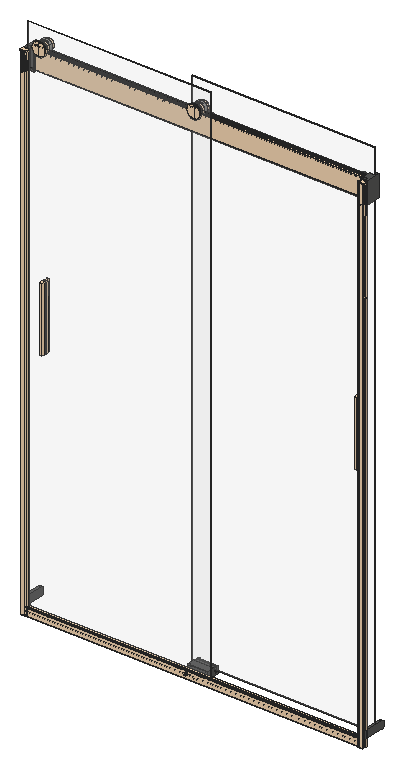
Revit family "Shower-Shower_Door-KOHLER-Levity-K-706010", category Specialty Equipment, host Face, Revit 2021 (continued)
Definition of nested family "K-706010"
  Lines and regions (in)
    symbolic lines, detail levels medium+fine
      curve 43: line (-24.681, -1.21487, 71.59026) -> (-24.681, -1.21487, 70.30555)
      curve 44: line (-24.681, -1.25512, 71.86766) -> (-24.681, -1.25512, 70.30555)
      curve 45: line (-24.681, -1.38162, 71.86766) -> (-24.681, -1.38162, 70.30555)
      curve 46: line (-24.681, -0.6957, 71.64602) -> (-24.681, -0.6957, 70.32156)
      curve 47: line (-24.681, -0.92187, 71.59026) -> (-24.681, -0.92187, 70.32156)
      curve 48: line (-24.681, -0.37311, 71.47874) -> (-24.681, -0.37311, 70.32156)
      curve 49: line (-24.681, -0.49887, 71.47383) -> (-24.681, -0.49887, 70.32156)
      curve 50: line (-24.681, -0.37311, 70.38418) -> (-24.681, -0.49887, 70.38418)
      curve 51: line (-24.681, 0.0188, 71.00538) -> (-24.681, 0.0188, 70.68545)
      curve 52: line (-24.681, 0.00205, 71.03438) -> (-24.681, 0.00205, 70.65645)
      curve 53: line (-24.681, -1.22506, 66.12155) -> (-24.681, -1.63106, 66.12155)
      curve 54: line (-24.681, -1.22506, 66.12155) -> (-24.681, -1.22506, 67.59555)
      curve 55: line (-24.681, -1.01606, 70.12466) -> (-24.681, -1.01606, 67.59866)
      curve 56: line (-24.681, -0.77919, 67.59866) -> (-24.681, -0.77919, 70.12466)
      curve 57: line (-24.681, -0.71919, 70.12466) -> (-24.681, -0.71919, 67.59866)
      curve 58: line (-24.681, -1.28477, 67.59555) -> (-24.681, -1.22506, 67.59555)
      curve 59: line (-24.681, -1.28477, 66.12155) -> (-24.681, -1.28477, 67.59555)
      curve 60: line (-24.681, -1.68606, 0.07489) -> (-24.681, -1.68606, 1.64969)
      curve 61: line (-24.681, -1.10606, 70.22555) -> (-24.681, -1.74606, 70.22555)
      curve 62: line (-24.681, -1.57013, 70.12466) -> (-24.681, -1.57013, 67.59555)
      curve 63: line (-24.681, -1.56444, 66.12155) -> (-24.681, -1.56444, 67.59555)
      curve 64: line (-24.681, -1.68606, 67.59555) -> (-24.681, -1.56444, 67.59555)
      curve 65: line (-24.681, 0.72998, 67.3237) -> (-24.681, 0.97581, 67.3237)
      curve 66: line (-24.681, -0.69887, 67.3237) -> (-24.681, -0.92187, 67.3237)
      curve 67: line (-24.681, 0.56181, 70.12466) -> (-24.681, 0.56181, 67.59866)
      curve 68: line (-24.681, 0.50181, 67.59866) -> (-24.681, 0.50181, 70.12466)
      curve 69: line (-24.681, 0.88981, 70.12466) -> (-24.681, 0.88981, 67.59866)
      curve 70: line (-24.681, 0.80481, 67.59866) -> (-24.681, 0.80481, 70.12466)
      curve 71: line (-24.681, -0.67887, 42.00787) -> (-24.681, -0.67887, 32.99213)
      curve 72: line (-24.681, -0.94187, 32.99213) -> (-24.681, -0.94187, 42.00787)
      curve 73: line (-24.681, 1.44298, 42.00787) -> (-24.681, 1.44298, 32.99213)
      curve 74: line (-24.681, 0.23646, 42.00787) -> (-24.681, 0.23646, 32.99213)
      curve 75: line (-24.681, -0.20887, 42.00787) -> (-24.681, -0.20887, 32.99213)
      curve 76: line (-24.681, -0.65803, 42.00787) -> (-24.681, -0.65803, 32.99213)
      curve 77: line (-24.681, 0.95298, 42.00787) -> (-24.681, 0.95298, 32.99213)
      curve 78: line (-24.681, 0.72998, 32.99213) -> (-24.681, 0.72998, 42.00787)
      curve 79: line (-24.681, 0.97298, 42.00787) -> (-24.681, 0.97298, 32.99213)
      curve 80: line (-24.681, 0.99382, 42.00787) -> (-24.681, 0.99382, 32.99213)
      curve 81: line (-24.681, 0.70998, 32.99213) -> (-24.681, 0.70998, 42.00787)
      curve 82: line (-24.681, 0.68925, 32.99213) -> (-24.681, 0.68925, 42.00787)
      curve 83: line (-24.681, -0.69887, 42.00787) -> (-24.681, -0.69887, 32.99213)
      curve 84: line (-24.681, -0.92187, 32.99213) -> (-24.681, -0.92187, 42.00787)
      curve 85: line (-24.681, -1.109, 42.00787) -> (-24.681, -1.109, 32.99213)
      curve 86: line (-24.681, -0.96271, 32.99213) -> (-24.681, -0.96271, 42.00933)
      curve 87: line (-24.681, -1.12464, 0.07489) -> (-24.681, -1.12464, 1.05539)
      curve 88: line (-24.681, -1.15537, 0.07489) -> (-24.681, -1.15537, 1.05539)
      curve 89: line (-24.681, -1.16606, 70.12466) -> (-24.681, -1.16606, 2.12913)
      curve 90: line (-24.681, -1.22106, 0.07489) -> (-24.681, -1.22106, 1.05539)
      curve 91: line (-24.681, -1.63106, 70.12466) -> (-24.681, -1.63106, 2.12913)
      curve 92: line (-24.681, -1.66047, 0.07489) -> (-24.681, -1.66047, 1.05539)
      curve 93: line (-24.681, -1.69617, 0.07489) -> (-24.681, -1.69617, 1.64969)
      curve 94: line (-24.681, -1.72712, 0.07489) -> (-24.681, -1.72712, 1.66567)
      curve 95: circle (-24.681, 0.15154, 69.33692) r 0.13065 normal (-1, 0, 0)
      curve 96: circle (-24.681, -0.37604, 69.33692) r 0.13065 normal (-1, 0, 0)
      curve 97: circle (-24.681, 0.15154, 68.38583) r 0.13065 normal (1, 0, 0)
      curve 98: circle (-24.681, -0.37604, 68.38583) r 0.13065 normal (1, 0, 0)
      curve 99: line (-24.681, -1.68606, 70.12466) -> (-24.681, 0.88981, 70.12466)
      curve 100: line (-24.681, -1.68606, 67.59866) -> (-24.681, 0.88981, 67.59866)
      curve 101: line (-24.681, 1.30712, 1.05539) -> (-24.681, 1.13107, 1.05539)
      curve 102: line (-24.681, -0.41582, 0.9429) -> (-24.681, -0.41913, 0.8799)
      curve 103: line (-24.681, -0.69887, 2.12913) -> (-24.681, -0.92187, 2.12913)
      curve 104: line (-24.681, 0.95298, 2.12913) -> (-24.681, 0.72998, 2.12913)
      curve 105: line (-24.681, 0.95298, 1.05539) -> (-24.681, -0.38348, 1.05539)
      curve 106: line (-24.681, -0.69887, 1.05539) -> (-24.681, -0.92187, 1.05539)
      curve 107: line (-24.681, -1.10897, 1.05539) -> (-24.681, -1.68606, 1.05539)
      curve 108: line (-24.681, -1.109, 2.12913) -> (-24.681, -1.68606, 2.12913)
      curve 109: line (-24.681, -1.12464, 2.12913) -> (-24.681, -1.12464, 70.22555)
      curve 110: line (-24.681, -1.16606, 1.05539) -> (-24.681, -1.16606, 0.07489)
      curve 111: line (-24.681, -1.15537, 2.12913) -> (-24.681, -1.15537, 70.22555)
      curve 112: line (-24.681, -1.63106, 1.05539) -> (-24.681, -1.63106, 0.07489)
      curve 113: line (-24.681, -1.66047, 2.12913) -> (-24.681, -1.66047, 70.12466)
      curve 114: line (-24.681, -1.68606, 1.64969) -> (-24.681, -1.68606, 70.12466)
      curve 115: line (-24.681, -1.69617, 1.64969) -> (-24.681, -1.69617, 70.22555)
      curve 116: line (-24.681, -1.72712, 1.66567) -> (-24.681, -1.72712, 70.22555)
      curve 117: line (-24.681, 0.72527, 0.78544) -> (-24.681, 0.72527, 1.05539)
      curve 118: line (-24.681, 0.72527, 0.78544) -> (-24.681, 0.70639, 1.05539)
      curve 119: line (-24.681, -0.92187, 0.96942) -> (-24.681, -0.92187, 0.79167)
      curve 120: arc (-24.681, -0.92187, 0.79167) -> (-24.681, -0.8754, 0.76899) -> (-24.681, -0.8247, 0.7588) r 0.20288
      curve 121: line (-24.681, -0.83177, 0.25019) -> (-24.681, -0.84068, 0.76057)
      curve 122: line (-24.681, -0.69887, 0.13689) -> (-24.681, -0.71646, 0.13689)
      curve 123: arc (-24.681, -0.79766, 0.17032) -> (-24.681, -0.82252, 0.20692) -> (-24.681, -0.83177, 0.25019) r 0.11532
      curve 124: line (-24.681, -0.92187, 0.88055) -> (-24.681, -1.12464, 0.88055)
      curve 125: line (-24.681, -1.63106, 0.07489) -> (-24.681, -1.10889, 0.07489)
      curve 126: line (-24.681, -1.16606, 65.22366) -> (-24.681, -1.68606, 65.22366)
      curve 127: line (-24.681, -1.423, 2.12913) -> (-24.681, -1.423, 65.22366)
      curve 128: line (-24.681, -1.41252, 2.12913) -> (-24.681, -1.41254, 65.22366)
      curve 129: line (-24.681, -1.40945, 2.12913) -> (-24.681, -1.40948, 65.22366)
      curve 130: line (-24.681, -1.44267, 2.12913) -> (-24.681, -1.44265, 65.22366)
      curve 131: line (-24.681, -1.16606, 66.34866) -> (-24.681, -1.22506, 66.34866)
      curve 132: line (-24.681, -1.68606, 66.34866) -> (-24.681, -1.63106, 66.34866)
      curve 133: line (-24.681, -1.05384, 70.19058) -> (-24.681, 0.90321, 70.19058)
      curve 134: line (-24.681, 0.92321, 67.59126) -> (-24.681, 0.92321, 70.17059)
      curve 135: line (-24.681, 0.90321, 67.57127) -> (-24.681, 0.53673, 67.57127)
      curve 136: line (-24.681, 0.49674, 67.52874) -> (-24.681, -0.44511, 67.52874)
      curve 137: line (-24.681, -1.07394, 67.57127) -> (-24.681, -0.4851, 67.57127)
      curve 138: arc (-24.681, -0.4851, 67.57127) -> (-24.681, -0.47051, 67.56496) -> (-24.681, -0.46511, 67.55) r 0.02003
      curve 139: arc (-24.681, -0.46511, 67.55) -> (-24.681, -0.4597, 67.53505) -> (-24.681, -0.44511, 67.52874) r 0.02003
      curve 140: arc (-24.681, 0.53673, 67.57127) -> (-24.681, 0.52214, 67.56496) -> (-24.681, 0.51673, 67.55) r 0.02003
      curve 141: arc (-24.681, 0.51673, 67.55) -> (-24.681, 0.51133, 67.53505) -> (-24.681, 0.49674, 67.52874) r 0.02003
      curve 142: arc (-24.681, 0.90321, 67.57127) -> (-24.681, 0.91735, 67.57712) -> (-24.681, 0.92321, 67.59126) r 0.02
      curve 143: arc (-24.681, 0.90321, 70.19058) -> (-24.681, 0.91735, 70.18473) -> (-24.681, 0.92321, 70.17059) r 0.02
      curve 144: arc (-24.681, -1.07382, 70.21056) -> (-24.681, -1.06796, 70.19643) -> (-24.681, -1.05384, 70.19058) r 0.01998
      curve 145: line (-25.99525, 0.48481, 0) -> (-25.99525, -0.51672, 0)
      curve 146: line (-25.22917, -0.49887, 0) -> (-24.1307, -0.49887, 0)
      curve 147: line (-25.39681, -0.69887, 0) -> (-23.96775, -0.69887, 0)
      curve 148: line (-25.42633, -0.37311, 0) -> (-23.93374, -0.37311, 0)
      curve 149: line (-25.42633, 0.00205, 0) -> (-23.93374, 0.00205, 0)
      curve 150: arc (-25.42633, 0.00205, 0) -> (-25.49396, -0.18553, 0) -> (-25.42633, -0.37311, 0) r 0.29397
      curve 151: arc (-23.93374, 0.00205, 0) -> (-23.86601, -0.18553, 0) -> (-23.93374, -0.37311, 0) r 0.29364
      curve 152: line (-25.22917, -0.45319, 0) -> (-25.22917, -0.37311, 0)
      curve 153: line (-24.1307, -0.49887, 0) -> (-24.13163, -0.37311, 0)
      curve 154: line (-25.22917, -0.38719, 0) -> (-25.99525, -0.38719, 0)
      curve 155: line (-25.99525, -0.18519, 0) -> (-25.49396, -0.18519, 0)
      curve 156: line (-23.95407, 0.0188, 0) -> (-23.95407, 0.26863, 0)
      curve 157: line (-25.406, 0.0188, 0) -> (-25.406, 0.26863, 0)
      curve 158: line (-25.36342, 0.3258, 0) -> (-23.99665, 0.3258, 0)
      curve 159: line (-25.36342, 0.3258, 0) -> (-25.39569, 0.29353, 0)
      curve 160: arc (-25.406, 0.26863, 0) -> (-25.40332, 0.28211, 0) -> (-25.39569, 0.29353, 0) r 0.03522
      curve 161: line (-23.99665, 0.3258, 0) -> (-23.96438, 0.29353, 0)
      curve 162: arc (-23.95407, 0.26863, 0) -> (-23.95675, 0.28211, 0) -> (-23.96438, 0.29353, 0) r 0.03522
      curve 163: line (-25.99525, 0.26786, 0) -> (-25.4047, 0.26786, 0)
      curve 164: line (-24.01907, -0.92187, 0) -> (-24.01907, -1.21487, 0)
      curve 165: line (-25.57815, -1.21487, 0) -> (-23.78192, -1.21487, 0)
      curve 166: line (-23.78192, -1.21487, 0) -> (-23.74163, -1.25515, 0)
      curve 167: line (-25.61893, -1.25565, 0) -> (-25.61893, -1.38109, 0)
      curve 168: line (-25.57815, -1.21487, 0) -> (-25.61893, -1.25565, 0)
      curve 169: line (-25.57815, -1.42187, 0) -> (-25.61893, -1.38109, 0)
      curve 170: line (-23.78192, -1.42187, 0) -> (-23.74163, -1.38159, 0)
      curve 171: line (-23.74163, -1.38159, 0) -> (-23.74163, -1.25515, 0)
      curve 172: line (-25.57815, -1.42187, 0) -> (-23.78192, -1.42187, 0)
      curve 173: arc (-24.5268, -1.42187, 0) -> (-24.51419, -1.43644, 0) -> (-24.4957, -1.44187, 0) r 0.03417
      curve 174: line (-24.4957, -1.44187, 0) -> (-24.29529, -1.44187, 0)
      curve 175: arc (-24.29529, -1.44187, 0) -> (-24.27796, -1.43637, 0) -> (-24.26698, -1.42187, 0) r 0.03004
      curve 176: line (-25.61893, -1.25565, 0) -> (-23.74171, -1.25508, 0)
      curve 177: line (-25.61893, -1.38109, 0) -> (-23.74171, -1.38166, 0)
      curve 178: arc (-26.64695, -0.69887, 0) -> (-26.66526, -0.81037, 0) -> (-26.64695, -0.92187, 0) r 0.34863
      curve 179: line (-26.66525, -1.04816, 0) -> (-26.66525, -0.56866, 0)
      curve 180: line (-27, -1.07446, 0) -> (-26.68571, -1.06898, 0)
      curve 181: arc (-26.68571, -1.06898, 0) -> (-26.67122, -1.06275, 0) -> (-26.66525, -1.04816, 0) r 0.02082
      curve 182: line (-26.34964, -1.10606, 0) -> (-27, -1.10606, 0)
      curve 183: arc (-26.26537, -1.12479, 0) -> (-26.30647, -1.1108, 0) -> (-26.34964, -1.10606, 0) r 0.19901
      curve 184: arc (-26.21025, -1.21138, 0) -> (-26.2252, -1.16006, 0) -> (-26.26537, -1.12479, 0) r 0.09559
      curve 185: line (-26.21025, -1.64144, 0) -> (-26.21025, -1.21138, 0)
      curve 186: line (-26.68732, 0.97063, 0) -> (-27, 0.97609, 0)
      curve 187: arc (-26.66525, 0.94818, 0) -> (-26.67169, 0.96392, 0) -> (-26.68732, 0.97063, 0) r 0.02246
      curve 188: line (-26.66525, 0.62063, 0) -> (-26.66525, 0.94818, 0)
      curve 189: line (-26.21025, -1.22817, 0) -> (-25.59145, -1.22817, 0)
      curve 190: line (-26.64, -1.10606, 0) -> (-26.64, -0.92187, 0)
      curve 191: line (-23.9831, -0.45319, 0) -> (-24.13104, -0.45319, 0)
      curve 192: line (17.90521, 1.45298, 0) -> (18.16502, 1.45298, 0)
      curve 193: line (17.65555, 1.24598, 0) -> (18.98239, 1.24598, 0)
      curve 194: line (17.65932, 0.95298, 0) -> (18.97878, 0.95298, 0)
      curve 195: line (17.60285, 0.72998, 0) -> (19.03509, 0.72998, 0)
      curve 196: line (17.76843, 0.52998, 0) -> (18.86905, 0.52998, 0)
      curve 197: line (17.381, 1.4123, 0) -> (19.25663, 1.4123, 0)
      curve 198: line (17.381, 1.28663, 0) -> (19.25694, 1.28663, 0)
      curve 199: line (-25.99525, 0.0481, 0) -> (-25.406, 0.0481, 0)
      curve 200: line (-25.406, 0.0188, 0) -> (-23.95407, 0.0188, 0)
      curve 201: line (-24.58638, 0, 42.00787) -> (-24.21108, 0, 42.00787)
      curve 202: line (-24.58638, 0, 32.99213) -> (-24.58638, 0, 42.00787)
      curve 203: line (-24.21108, 0, 32.99213) -> (-24.58638, 0, 32.99213)
      curve 204: line (-24.21108, 0, 42.00787) -> (-24.21108, 0, 32.99213)
      curve 205: line (-24.53115, 0, 42.00787) -> (-24.53115, 0, 32.99213)
      curve 206: line (-24.26702, 0, 32.99213) -> (-24.26702, 0, 42.00787)
      curve 207: line (17.84716, 0, 42.00787) -> (18.22246, 0, 42.00787)
      curve 208: line (17.84716, 0, 32.99213) -> (17.84716, 0, 42.00787)
      curve 209: line (18.22246, 0, 32.99213) -> (17.84716, 0, 32.99213)
      curve 210: line (18.22246, 0, 42.00787) -> (18.22246, 0, 32.99213)
      curve 211: line (17.90239, 0, 32.99213) -> (17.90239, 0, 42.00787)
      curve 212: line (18.16652, 0, 32.99213) -> (18.16652, 0, 42.00787)
      curve 213: line (-1.21712, 0, 1.04089) -> (-1.21712, 0, 73.56537)
      curve 214: line (20.26966, 0, 73.56537) -> (20.26966, 0, 70.32156)
      curve 215: line (-24.681, -1.67026, 70.22555) -> (-24.681, -1.67026, 70.12466)
      curve 216: line (-24.681, -0.92187, 0.91589) -> (-24.681, -1.12464, 0.91589)
      curve 217: line (-4.79802, 1.13085, 0) -> (-2.049, 1.13085, 0)
      curve 218: line (-4.79802, 1.30805, 0) -> (-2.049, 1.30805, 0)
      curve 219: line (-3.86342, 0.3258, 0) -> (-2.49858, 0.3258, 0)
      curve 220: line (-3.906, 0.0188, 0) -> (-3.906, 0.26119, 0)
      curve 221: line (-3.906, 0.0188, 0) -> (-2.456, 0.0188, 0)
      curve 222: line (-2.456, 0.0188, 0) -> (-2.456, 0.27017, 0)
      curve 223: line (-3.92633, -0.37311, 0) -> (-2.43567, -0.37311, 0)
      curve 224: arc (-3.92633, 0.00205, 0) -> (-3.99494, -0.18553, 0) -> (-3.92633, -0.37311, 0) r 0.29074
      curve 225: line (-3.86342, 0.3258, 0) -> (-3.89042, 0.29879, 0)
      curve 226: arc (-3.89042, 0.29879, 0) -> (-3.90195, 0.28154, 0) -> (-3.906, 0.26119, 0) r 0.05318
      curve 227: line (-3.89425, -0.49887, 0) -> (-2.46775, -0.49887, 0)
      curve 228: line (-3.89425, -0.49887, 0) -> (-3.89681, -0.69887, 0)
      curve 229: line (-2.46775, -0.49887, 0) -> (-2.46775, -0.69887, 0)
      curve 230: line (-4.79802, 0.48481, 0) -> (-2.049, 0.48481, 0)
      curve 231: line (-3.72988, -0.49887, 0) -> (-3.72988, -0.37311, 0)
      curve 232: line (-2.63475, -0.49887, 0) -> (-2.63475, -0.37311, 0)
      curve 233: line (-4.79802, -0.69887, 0) -> (-2.049, -0.69887, 0)
      curve 234: line (-4.79802, -0.45319, 0) -> (-3.72988, -0.45319, 0)
      curve 235: line (-2.049, -0.45319, 0) -> (-2.63475, -0.45319, 0)
      curve 236: arc (-2.43567, 0.00205, 0) -> (-2.36904, -0.18553, 0) -> (-2.43567, -0.37311, 0) r 0.29735
      curve 237: line (-3.92633, 0.00205, 0) -> (-2.43567, 0.00205, 0)
      curve 238: line (-2.49858, 0.3258, 0) -> (-2.46522, 0.29244, 0)
      curve 239: arc (-2.46522, 0.29244, 0) -> (-2.4584, 0.28222, 0) -> (-2.456, 0.27017, 0) r 0.0315
      curve 240: line (-2.28385, -1.42187, 0) -> (-2.2441, -1.38212, 0)
      curve 241: line (-2.2441, -1.38212, 0) -> (-2.2441, -1.25506, 0)
      curve 242: line (-2.2441, -1.25506, 0) -> (-2.28429, -1.21487, 0)
      curve 243: line (-2.51865, -1.21487, 0) -> (-2.51865, -0.92187, 0)
      curve 244: line (-1.21673, -0.92187, 0) -> (-26.64, -0.92187, 0)
      curve 245: spline (-1.21673, -0.92187, 0) -> (-1.2142, -0.91828, 0) -> (-1.21176, -0.91457, 0) -> (-1.2094, -0.91075, 0) -> (-1.20714, -0.90682, 0) -> (-1.20496, -0.90277, 0) -> (-1.20288, -0.89863, 0) -> (-1.2009, -0.89439, 0) -> (-1.19901, -0.89006, 0) -> (-1.19723, -0.88564, 0) -> (-1.19555, -0.88113, 0) -> (-1.19397, -0.87655, 0) -> (-1.1925, -0.8719, 0)
      curve 246: line (-4.09315, -1.22989, 0) -> (-23.7669, -1.22989, 0)
      curve 247: line (-25.34402, -1.21487, 0) -> (-25.34402, -0.92187, 0)
      curve 248: line (-26.64695, -0.69887, 0) -> (-26.59567, -0.69887, 0)
      curve 249: arc (-26.66525, -0.56866, 0) -> (-26.65754, -0.55226, 0) -> (-26.64, -0.54775, 0) r 0.02128
      curve 250: arc (-26.64, 0.59937, 0) -> (-26.65757, 0.60413, 0) -> (-26.66525, 0.62063, 0) r 0.02158
      curve 251: arc (19.98743, -1.10606, 0) -> (19.94427, -1.1108, 0) -> (19.90316, -1.12479, 0) r 0.19901
      curve 252: arc (19.90316, -1.12479, 0) -> (19.86296, -1.16011, 0) -> (19.84805, -1.21151, 0) r 0.09559
      curve 253: line (19.84805, -1.21151, 0) -> (19.84805, -1.6312, 0)
      curve 254: line (20.6378, -1.10606, 0) -> (19.98743, -1.10606, 0)
      curve 255: line (19.84805, -1.23023, 0) -> (-2.26892, -1.23023, 0)
      curve 256: line (20.3188, -0.56866, 0) -> (20.3188, -1.04816, 0)
      curve 257: line (20.33925, -1.06898, 0) -> (20.61626, -1.07381, 0)
      curve 258: arc (20.3188, -1.04816, 0) -> (20.32476, -1.06275, 0) -> (20.33925, -1.06898, 0) r 0.02082
      curve 259: line (20.29681, -0.94006, 0) -> (20.29681, -1.10606, 0)
      curve 260: arc (20.61626, -1.07381, 0) -> (20.63146, -1.06775, 0) -> (20.6378, -1.05265, 0) r 0.02117
      curve 261: line (20.62281, -1.07289, 0) -> (20.62281, -1.10606, 0)
      curve 262: line (20.56281, -1.07606, 0) -> (20.50581, -1.07606, 0)
      curve 263: line (20.50581, -1.07606, 0) -> (20.486, -1.07154, 0)
      curve 264: line (20.56281, -1.07606, 0) -> (20.57085, -1.10606, 0)
      curve 265: arc (20.29681, -0.5478, 0) -> (20.31229, -0.55351, 0) -> (20.3188, -0.56866, 0) r 0.02088
      curve 266: line (19.64803, 0.48481, 0) -> (19.64803, -0.45319, 0)
      curve 267: line (20.6378, 0.97581, 0) -> (20.34086, 0.97063, 0)
      curve 268: line (20.3188, 0.94818, 0) -> (20.3188, 0.62063, 0)
      curve 269: arc (20.34086, 0.97063, 0) -> (20.32523, 0.96392, 0) -> (20.3188, 0.94818, 0) r 0.02246
      curve 270: arc (20.3188, 0.62063, 0) -> (20.31231, 0.60537, 0) -> (20.29681, 0.59946, 0) r 0.02119
      curve 271: line (-2.456, 0.26781, 0) -> (19.64803, 0.26781, 0)
      curve 272: line (19.64803, 0.04506, 0) -> (-2.456, 0.04506, 0)
      curve 273: line (19.64803, -0.18519, 0) -> (-2.36904, -0.18519, 0)
      curve 274: line (-2.63475, -0.38724, 0) -> (19.64803, -0.38724, 0)
      curve 275: line (-23.95407, 0.26863, 0) -> (-3.90548, 0.26863, 0)
      curve 276: line (-23.95407, 0.04432, 0) -> (-3.906, 0.04432, 0)
      curve 277: line (-25.99525, 0.01781, 0) -> (19.64803, 0.01781, 0)
      curve 278: line (-3.72988, -0.38719, 0) -> (-24.13153, -0.38719, 0)
      curve 279: line (-3.99494, -0.18519, 0) -> (-23.86601, -0.18519, 0)
      curve 280: line (-2.28429, -1.21487, 0) -> (-4.07815, -1.21487, 0)
      curve 281: line (-4.07815, -1.21487, 0) -> (-4.11893, -1.25569, 0)
      curve 282: line (-4.07815, -1.42187, 0) -> (-2.28385, -1.42187, 0)
      curve 283: line (-4.07815, -1.42187, 0) -> (-4.11893, -1.38109, 0)
      curve 284: line (-4.11893, -1.25569, 0) -> (-4.11893, -1.38109, 0)
      curve 285: line (-3.841, -1.21487, 0) -> (-3.841, -0.92187, 0)
      curve 286: line (17.77002, 0.48481, 0) -> (18.86757, 0.48481, 0)
      curve 287: line (-3.84537, 1.24598, 0) -> (-2.51888, 1.24598, 0)
      curve 288: line (-4.11996, 1.4123, 0) -> (-2.24429, 1.4123, 0)
      curve 289: line (-4.12005, 1.28675, 0) -> (-2.24421, 1.28675, 0)
      curve 290: line (-3.8416, 0.95298, 0) -> (-2.52265, 0.95298, 0)
      curve 291: line (-3.89538, 0.72998, 0) -> (-2.46887, 0.72998, 0)
      curve 292: line (-3.73249, 0.52998, 0) -> (-2.63176, 0.52998, 0)
      curve 293: line (19.87938, -0.94006, 0) -> (19.87938, -1.14061, 0)
      curve 294: line (-2.049, 0.71277, 0) -> (-4.79802, 0.71277, 0)
      curve 295: line (-26.64695, -0.92187, 0) -> (-26.57905, -0.92187, 0)
  Dimensions and locks (in)
    "Width": plane 5 to plane 4
    plane 4 to plane 8 "WT1" = 0.75841"
    locked: plane 5 to plane 9 "WT2" at 25.81639
    "Walk Thru": plane 8 "WT1" to plane 9 "WT2"
    locked: plane 3 "Center (Left/Right)" to plane 5 at 27
    locked: plane 11 to plane 4 at 2.319
    locked: plane 12 to plane 4 at 2.60312
    locked: plane 13 "M" to plane 11 at 21.50092
    locked: plane 16 to plane 13 "M" at 1.99996
    Masking region 1 sketch curve to plane 13 "M" to Masking region 1 sketch curve = 0.71325", 0.71325" locked
    Masking region 1 sketch curve to plane 13 "M" to Masking region 1 sketch curve = 0.89715" locked, 0.89715" locked
    Masking region 1 sketch curve to plane 13 "M" to Masking region 1 sketch curve = 0.89725" locked, 0.89725" locked
    Masking region 1 sketch curve to plane 13 "M" to Masking region 1 sketch curve = 0.65947" locked, 0.66325" locked
    plane 17 to plane 13 "M" to plane 18 = 0.93783" locked, 0.93792" locked
    locked: plane 11 to Extrusion 1 sketch curve at 1.98322
    locked: Extrusion 5 sketch curve to plane 4 at 0.01498
    Extrusion 3 sketch curve to Extrusion 3 sketch curve to plane 4 = 0.7241" locked, 0.06041" locked
    locked: Extrusion 7 sketch curve to plane 4 at 0.27798
    locked: plane 23 to plane 4 at 0.34098
    locked: Extrusion 19 to Extrusion 19 at 2.74902
    plane 20 to plane 25 to level = 9.01575", 32.99213"  (x2)
    plane 19 to level = 73.56537"
    aligned and locked: plane 2 to level
    aligned and locked: Extrusion 18 to plane 8 "WT1"
    aligned and locked: Extrusion 26 to Extrusion 9
    aligned and locked: plane 9 "WT2" to Extrusion 2 sketch curve
    aligned and locked: plane 4 to Extrusion 9
    aligned and locked: Extrusion 17 to plane 23
    aligned and locked: Extrusion 6 to Extrusion 7
    aligned and locked: Extrusion 26 to plane 23
    aligned and locked: plane 4 to Extrusion 4 sketch curve
    aligned and locked: plane 4 to Extrusion 8
    aligned and locked: Masking region 2 sketch curve to plane 4
    aligned and locked: plane 4 to Masking region 4 sketch curve
    aligned and locked: Extrusion 19 to Masking region 4 sketch curve
    aligned and locked: Masking region 4 sketch curve to Masking region 4 sketch curve
    aligned and locked: plane 5 to Masking region 2 sketch curve
    aligned and locked: Extrusion 47 to Extrusion 9
    aligned and locked: Extrusion 46 to plane 23
  Automatic sketch dimensions
    Extrusion 9 sketch curve to plane 6 = 0.1225"
    Extrusion 9 sketch curve to plane 7 = 0.25094"
    plane 10 to Extrusion 9 sketch curve = 0.01451"
    Extrusion 9 sketch curve to plane 7 = 0.25093"
    Extrusion 9 sketch curve to Extrusion 9 sketch curve = 0.00016"  (x2)
    Extrusion 9 sketch curve to plane 7 = 0.00126"
    Extrusion 9 sketch curve to Extrusion 9 sketch curve = 0.24952"
    Extrusion 9 sketch curve to Extrusion 9 sketch curve = 0.57437"
    Extrusion 9 sketch curve to Extrusion 9 sketch curve = 0.00017"
    Extrusion 10 sketch curve to plane 5 = 0.06117"
    Extrusion 10 sketch curve to plane 5 = 0.0749"
    Extrusion 10 sketch curve to plane 6 = 0.0758"
    Extrusion 10 sketch curve to Extrusion 10 sketch curve = 0.11997"
    Extrusion 10 sketch curve to Extrusion 10 sketch curve = 0.10624"
    Extrusion 10 sketch curve to plane 6 = 0.07463"
    Extrusion 10 sketch curve to Extrusion 10 sketch curve = 0.04455"  (x2)
    Extrusion 10 sketch curve to plane 6 = 0.05781"
    Extrusion 10 sketch curve to Extrusion 10 sketch curve = 0.12531"  (x2)
    Extrusion 10 sketch curve to plane 6 = 0.00312"
    Extrusion 10 sketch curve to Extrusion 10 sketch curve = 0.31451"
    Extrusion 10 sketch curve to Extrusion 10 sketch curve = 0.00304"
    Extrusion 10 sketch curve to Extrusion 10 sketch curve = 0.31982"
    Extrusion 10 sketch curve to plane 6 = 0.04942"
    Extrusion 10 sketch curve to Extrusion 10 sketch curve = 0.00577"
    Extrusion 10 sketch curve to Extrusion 10 sketch curve = 0.00422"
    Extrusion 10 sketch curve to Extrusion 10 sketch curve = 0.00212"
    Extrusion 10 sketch curve to Extrusion 10 sketch curve = 0.00078"
    Extrusion 10 sketch curve to Extrusion 10 sketch curve = 0.00066"
    Extrusion 10 sketch curve to Extrusion 10 sketch curve = 0.05512"
    Extrusion 10 sketch curve to Extrusion 10 sketch curve = 0.055"
    Extrusion 10 sketch curve to plane 6 = 0.01894"
    Extrusion 10 sketch curve to Extrusion 10 sketch curve = 0.03095"
    Extrusion 10 sketch curve to Extrusion 10 sketch curve = 0.40725"
    Extrusion 10 sketch curve to Extrusion 10 sketch curve = 0.00924"
    Extrusion 10 sketch curve to Extrusion 10 sketch curve = 0.4884"
    Extrusion 10 sketch curve to Extrusion 10 sketch curve = 0.00117"
    Extrusion 10 sketch curve to Extrusion 10 sketch curve = 0.01683"
    Extrusion 10 sketch curve to Extrusion 10 sketch curve = 0.02649"
    Extrusion 10 sketch curve to Extrusion 10 sketch curve = 0.03073"
    Extrusion 11 sketch curve to plane 5 = 0"
    Extrusion 11 sketch curve to Extrusion 11 sketch curve = 0.02117"
    Extrusion 11 sketch curve to Extrusion 11 sketch curve = 0.00037"
    Extrusion 11 sketch curve to Extrusion 11 sketch curve = 0.31229"
    Extrusion 11 sketch curve to Extrusion 11 sketch curve = 0.00039"
    Extrusion 11 sketch curve to Extrusion 11 sketch curve = 0.29276"
    Extrusion 11 sketch curve to Extrusion 11 sketch curve = 0.00036"  (x2)
    Extrusion 11 sketch curve to plane 5 = 0.33475"
    Extrusion 11 sketch curve to Extrusion 11 sketch curve = 0.02246"
    Extrusion 11 sketch curve to Extrusion 11 sketch curve = 0.02047"
    Extrusion 11 sketch curve to Extrusion 11 sketch curve = 0.02082"
    Extrusion 11 sketch curve to Extrusion 11 sketch curve = 0.02119"
    Extrusion 11 sketch curve to Extrusion 11 sketch curve = 0.62886"
    Extrusion 11 sketch curve to Extrusion 11 sketch curve = 0.62942"
    Extrusion 11 sketch curve to plane 1 "Center (Front/Back)" = 0.58847"
    Extrusion 11 sketch curve to Extrusion 11 sketch curve = 0.00035"  (x2)
    plane 1 "Center (Front/Back)" to Extrusion 11 sketch curve = 0.53684"
    Extrusion 11 sketch curve to Extrusion 11 sketch curve = 0.02032"
    plane 1 "Center (Front/Back)" to Extrusion 11 sketch curve = 0.54783"
    Extrusion 11 sketch curve to Extrusion 11 sketch curve = 0.47951"
    Extrusion 11 sketch curve to Extrusion 11 sketch curve = 0.00476"
    Extrusion 11 sketch curve to plane 1 "Center (Front/Back)" = 0.59945"
    Extrusion 11 sketch curve to Extrusion 11 sketch curve = 0.32754"
    Extrusion 11 sketch curve to Extrusion 11 sketch curve = 0.00546"
    Extrusion 12 sketch curve to plane 5 = 0.01575"  (x5)
    Extrusion 12 sketch curve to Extrusion 12 sketch curve = 0.02"  (x3)
    Extrusion 12 sketch curve to Extrusion 12 sketch curve = 0.063"  (x6)
    Extrusion 12 sketch curve to Extrusion 12 sketch curve = 0"  (x4)
    Extrusion 12 sketch curve to Extrusion 12 sketch curve = 0.023"
    Extrusion 12 sketch curve to Extrusion 12 sketch curve = 0.057"
    Extrusion 12 sketch curve to Extrusion 12 sketch curve = 0.03"  (x2)
    Extrusion 12 sketch curve to Extrusion 12 sketch curve = 0.083"
    Extrusion 12 sketch curve to Extrusion 12 sketch curve = 0.137"  (x3)
    Extrusion 12 sketch curve to plane 6 = 0.091"
    Extrusion 12 sketch curve to plane 6 = 0.06"  (x2)
    Extrusion 12 sketch curve to Extrusion 12 sketch curve = 0.04789"
    Extrusion 12 sketch curve to Extrusion 12 sketch curve = 0.05164"
    Extrusion 12 sketch curve to plane 6 = 0.0868"
    Extrusion 12 sketch curve to Extrusion 12 sketch curve = 0.00656"
    Extrusion 12 sketch curve to Extrusion 12 sketch curve = 0.00618"
    Extrusion 12 sketch curve to Extrusion 12 sketch curve = 0.031"
    Extrusion 12 sketch curve to Extrusion 12 sketch curve = 0.01334"
    Extrusion 12 sketch curve to Extrusion 12 sketch curve = 0.024"  (x2)
    Extrusion 12 sketch curve to Extrusion 12 sketch curve = 0.04119"
    Extrusion 12 sketch curve to Extrusion 12 sketch curve = 0.32665"
    Extrusion 12 sketch curve to Extrusion 12 sketch curve = 0.04216"
    Extrusion 12 sketch curve to Extrusion 12 sketch curve = 0.01399"
    Extrusion 12 sketch curve to Extrusion 12 sketch curve = 0.055"  (x2)
    Extrusion 12 sketch curve to Extrusion 12 sketch curve = 0.09"
    Extrusion 12 sketch curve to Extrusion 12 sketch curve = 0.06"  (x3)
    Extrusion 12 sketch curve to Extrusion 12 sketch curve = 0.23687"
    Extrusion 12 sketch curve to plane 1 "Center (Front/Back)" = 0.50181"
    Extrusion 12 sketch curve to Extrusion 12 sketch curve = 0.243"
    Extrusion 12 sketch curve to Extrusion 12 sketch curve = 0.085"
    Extrusion 13 sketch curve to plane 5 = 0.03575"
    Extrusion 13 sketch curve to Extrusion 13 sketch curve = 0.0199"  (x2)
    Extrusion 13 sketch curve to Extrusion 13 sketch curve = 0.0161"
    Extrusion 13 sketch curve to plane 5 = 0.07175"
    Extrusion 13 sketch curve to Extrusion 13 sketch curve = 0.12215"
    Extrusion 13 sketch curve to Extrusion 13 sketch curve = 0.12313"
    Extrusion 13 sketch curve to Extrusion 13 sketch curve = 0.02087"
    Extrusion 13 sketch curve to plane 6 = 0.11881"
    Extrusion 13 sketch curve to Extrusion 13 sketch curve = 0.07087"
    Extrusion 13 sketch curve to Extrusion 13 sketch curve = 0.24004"
    Extrusion 13 sketch curve to Extrusion 13 sketch curve = 0.04605"
    Extrusion 14 sketch curve to plane 5 = 0.02401"
    Extrusion 14 sketch curve to plane 5 = 0.02572"
    Extrusion 14 sketch curve to Extrusion 14 sketch curve = 0.00653"
    Extrusion 14 sketch curve to Extrusion 14 sketch curve = 0.00673"
    Extrusion 14 sketch curve to Extrusion 14 sketch curve = 0.05302"
    Extrusion 14 sketch curve to Extrusion 14 sketch curve = 0.05474"
    Extrusion 14 sketch curve to Extrusion 14 sketch curve = 0.137"  (x2)
    Extrusion 14 sketch curve to plane 6 = 0.06"
    Extrusion 14 sketch curve to Extrusion 14 sketch curve = 0"
    Extrusion 14 sketch curve to plane 6 = 0.091"
    Extrusion 14 sketch curve to Extrusion 14 sketch curve = 0.063"
    Extrusion 14 sketch curve to Extrusion 14 sketch curve = 0.02609"
    Extrusion 14 sketch curve to Extrusion 14 sketch curve = 0.01367"
    Extrusion 14 sketch curve to Extrusion 14 sketch curve = 0.41"
    Extrusion 14 sketch curve to Extrusion 14 sketch curve = 0.01479"
    Extrusion 14 sketch curve to Extrusion 14 sketch curve = 0.024"
    Extrusion 14 sketch curve to Extrusion 14 sketch curve = 0.055"
    plane 6 to Extrusion 15 sketch curve = 0"
    Extrusion 15 sketch curve to plane 5 = 0"
    Extrusion 15 sketch curve to Extrusion 15 sketch curve = 0.65036"
    Extrusion 15 sketch curve to Extrusion 15 sketch curve = 0"
    Extrusion 15 sketch curve to Extrusion 15 sketch curve = 0.04379"
    Extrusion 15 sketch curve to Extrusion 15 sketch curve = 0.0449"
    Extrusion 15 sketch curve to Extrusion 15 sketch curve = 0.09449"
    Extrusion 15 sketch curve to plane 6 = 0.10462"
    Extrusion 15 sketch curve to Extrusion 15 sketch curve = 0.09439"
    Extrusion 15 sketch curve to Extrusion 15 sketch curve = 0.24197"
    Extrusion 15 sketch curve to Extrusion 15 sketch curve = 0.09369"
    Extrusion 15 sketch curve to Extrusion 15 sketch curve = 0.64"
    Extrusion 16 sketch curve to plane 6 = 0.1225"
    Extrusion 16 sketch curve to plane 7 = 0.25094"
    plane 10 to Extrusion 16 sketch curve = 0.01451"
    Extrusion 16 sketch curve to plane 7 = 0.25093"
    Extrusion 16 sketch curve to Extrusion 16 sketch curve = 0.00016"  (x2)
    Extrusion 16 sketch curve to plane 7 = 0.00126"
    Extrusion 16 sketch curve to Extrusion 16 sketch curve = 0.24952"
    Extrusion 16 sketch curve to Extrusion 16 sketch curve = 0.57437"
    Extrusion 16 sketch curve to Extrusion 16 sketch curve = 0.00017"
    Extrusion 18 sketch curve to plane 10 = 0.10501"
    Extrusion 18 sketch curve to plane 6 = 0.39353"
    Extrusion 18 sketch curve to plane 10 = 0.05048"
    Extrusion 18 sketch curve to Extrusion 18 sketch curve = 0.00734"
    Extrusion 18 sketch curve to plane 10 = 0.16"
    Extrusion 18 sketch curve to Extrusion 18 sketch curve = 0.00744"
    Extrusion 18 sketch curve to Extrusion 18 sketch curve = 0.00978"  (x8)
    Extrusion 18 sketch curve to Extrusion 18 sketch curve = 0.02045"  (x4)
    Extrusion 18 sketch curve to plane 10 = 0.05464"
    Extrusion 18 sketch curve to plane 10 = 0.15584"
    Extrusion 18 sketch curve to plane 10 = 0.08501"  (x2)
    Extrusion 18 sketch curve to Extrusion 18 sketch curve = 0.05112"
    Extrusion 18 sketch curve to Extrusion 18 sketch curve = 0"
    Extrusion 18 sketch curve to plane 10 = 0.04995"
    Extrusion 18 sketch curve to Extrusion 18 sketch curve = 0.00745"
    Extrusion 18 sketch curve to plane 10 = 0.16009"
    Extrusion 18 sketch curve to Extrusion 18 sketch curve = 0.00746"
    Extrusion 18 sketch curve to plane 10 = 1/8"
    Extrusion 18 sketch curve to plane 10 = 0.05411"
    Extrusion 18 sketch curve to plane 10 = 0.15593"
    Extrusion 18 sketch curve to Extrusion 18 sketch curve = 0.36189"
    Extrusion 18 sketch curve to Extrusion 18 sketch curve = 0.01999"  (x2)
    Extrusion 20 sketch curve to plane 12 = 0.18737"
    Extrusion 20 sketch curve to Extrusion 20 sketch curve = 0.01894"
    Extrusion 20 sketch curve to plane 12 = 0.13229"
    Extrusion 20 sketch curve to Extrusion 20 sketch curve = 0.03391"
    plane 12 to Extrusion 20 sketch curve = 0.10203"
    Extrusion 20 sketch curve to Extrusion 20 sketch curve = 0.02981"
    plane 12 to Extrusion 20 sketch curve = 0.16901"
    Extrusion 20 sketch curve to Extrusion 20 sketch curve = 0.01843"
    Extrusion 20 sketch curve to plane 7 = 0.77308"
    Extrusion 20 sketch curve to Extrusion 20 sketch curve = 0.01857"
    Extrusion 20 sketch curve to Extrusion 20 sketch curve = 0.01908"
    Extrusion 20 sketch curve to plane 7 = 0.30725"
    Extrusion 20 sketch curve to Extrusion 20 sketch curve = 0.00413"
    Extrusion 20 sketch curve to Extrusion 20 sketch curve = 0.00416"
    plane 12 to Extrusion 21 sketch curve = 0.18737"
    Extrusion 21 sketch curve to Extrusion 21 sketch curve = 0.01894"
    plane 12 to Extrusion 21 sketch curve = 0.13229"
    Extrusion 21 sketch curve to Extrusion 21 sketch curve = 0.03391"
    Extrusion 21 sketch curve to plane 12 = 0.10203"
    Extrusion 21 sketch curve to Extrusion 21 sketch curve = 0.02981"
    Extrusion 21 sketch curve to plane 12 = 0.16901"
    Extrusion 21 sketch curve to Extrusion 21 sketch curve = 0.01843"
    plane 1 "Center (Front/Back)" to Extrusion 21 sketch curve = 0.71009"
    Extrusion 21 sketch curve to Extrusion 21 sketch curve = 0.01857"
    Extrusion 21 sketch curve to Extrusion 21 sketch curve = 0.01908"
    plane 1 "Center (Front/Back)" to Extrusion 21 sketch curve = 0.24425"
    Extrusion 21 sketch curve to Extrusion 21 sketch curve = 0.00413"
    Extrusion 21 sketch curve to Extrusion 21 sketch curve = 0.00416"
    Extrusion 22 sketch curve to plane 14 = 0.09477"
    Extrusion 22 sketch curve to Extrusion 22 sketch curve = 0.01894"
    plane 1 "Center (Front/Back)" to Extrusion 22 sketch curve = 0.20887"
    Extrusion 22 sketch curve to plane 14 = 0.14985"
    Extrusion 22 sketch curve to Extrusion 22 sketch curve = 0.03391"
    Extrusion 22 sketch curve to Extrusion 22 sketch curve = 0.20041"
    plane 1 "Center (Front/Back)" to Extrusion 22 sketch curve = 0.20525"
    Extrusion 22 sketch curve to Extrusion 22 sketch curve = 0.02981"
    Extrusion 22 sketch curve to Extrusion 22 sketch curve = 0.33744"
    Extrusion 22 sketch curve to Extrusion 22 sketch curve = 0.01843"
    Extrusion 22 sketch curve to Extrusion 22 sketch curve = 0.00366"
    Extrusion 22 sketch curve to Extrusion 22 sketch curve = 0.44859"
    Extrusion 22 sketch curve to Extrusion 22 sketch curve = 0.00057"
    Extrusion 22 sketch curve to Extrusion 22 sketch curve = 0.00233"
    plane 14 to Extrusion 23 sketch curve = 0.0963"
    Extrusion 23 sketch curve to Extrusion 23 sketch curve = 0.01894"
    plane 14 to Extrusion 23 sketch curve = 0.15138"
    Extrusion 23 sketch curve to Extrusion 23 sketch curve = 0.03391"
    Extrusion 23 sketch curve to Extrusion 23 sketch curve = 0.20041"
    plane 6 to Extrusion 23 sketch curve = 0.33057"
    Extrusion 23 sketch curve to Extrusion 23 sketch curve = 0.02981"
    Extrusion 23 sketch curve to Extrusion 23 sketch curve = 0.33744"
    Extrusion 23 sketch curve to Extrusion 23 sketch curve = 0.01843"
    Extrusion 23 sketch curve to Extrusion 23 sketch curve = 0.00363"
    Extrusion 23 sketch curve to Extrusion 23 sketch curve = 0.00366"
    Extrusion 23 sketch curve to Extrusion 23 sketch curve = 0.44859"
    Extrusion 23 sketch curve to Extrusion 23 sketch curve = 0.00057"
    Extrusion 23 sketch curve to Extrusion 23 sketch curve = 0.00233"
    Extrusion 24 sketch curve to plane 14 = 0.09493"
    Extrusion 24 sketch curve to Extrusion 24 sketch curve = 0"  (x2)
    Extrusion 24 sketch curve to Extrusion 24 sketch curve = 3/8"
    Extrusion 24 sketch curve to plane 6 = 0.80419"
    Extrusion 24 sketch curve to Extrusion 24 sketch curve = 0.03074"  (x2)
    Extrusion 24 sketch curve to Extrusion 24 sketch curve = 0.20152"
    Extrusion 25 sketch curve to plane 12 = 0.18721"  (x2)
    plane 12 to Extrusion 25 sketch curve = 0.18779"  (x2)
    Extrusion 25 sketch curve to plane 1 "Center (Front/Back)" = 0.70998"
    Extrusion 25 sketch curve to Extrusion 25 sketch curve = 0.03074"  (x2)
    Extrusion 25 sketch curve to Extrusion 25 sketch curve = 0.20152"
    plane 1 "Center (Front/Back)" to Extrusion 26 sketch curve = 0.45319"
    Extrusion 26 sketch curve to Extrusion 26 sketch curve = 0.02305"
    Extrusion 26 sketch curve to Extrusion 26 sketch curve = 0.066"
    Extrusion 26 sketch curve to Extrusion 26 sketch curve = 0.05695"  (x2)
    Extrusion 26 sketch curve to Extrusion 26 sketch curve = 0.01711"
    Extrusion 26 sketch curve to Extrusion 26 sketch curve = 0.01248"
    Extrusion 26 sketch curve to Extrusion 26 sketch curve = 0.01643"
    Extrusion 26 sketch curve to Extrusion 26 sketch curve = 0.01996"
    Extrusion 26 sketch curve to Extrusion 26 sketch curve = 0.00693"
    Extrusion 26 sketch curve to Extrusion 26 sketch curve = 0.09721"
    Extrusion 26 sketch curve to Extrusion 26 sketch curve = 0.10151"
    Extrusion 26 sketch curve to Extrusion 26 sketch curve = 0.01196"
    Extrusion 26 sketch curve to Extrusion 26 sketch curve = 0.02054"
    Extrusion 26 sketch curve to Extrusion 26 sketch curve = 0.06239"
    Extrusion 26 sketch curve to Extrusion 26 sketch curve = 0.08"
    Extrusion 26 sketch curve to Extrusion 26 sketch curve = 0.05365"
    Extrusion 26 sketch curve to Extrusion 26 sketch curve = 0.02174"
    Extrusion 26 sketch curve to Extrusion 26 sketch curve = 0.01593"
    Extrusion 26 sketch curve to Extrusion 26 sketch curve = 0.06357"
    plane 1 "Center (Front/Back)" to Extrusion 26 sketch curve = 0.05419"
    Extrusion 26 sketch curve to Extrusion 26 sketch curve = 0.02066"
    plane 1 "Center (Front/Back)" to Extrusion 26 sketch curve = 0.01719"
    plane 1 "Center (Front/Back)" to Extrusion 26 sketch curve = 0.00698"
    Extrusion 26 sketch curve to plane 1 "Center (Front/Back)" = 0.00039"
    Extrusion 26 sketch curve to plane 1 "Center (Front/Back)" = 0.01581"
    Extrusion 26 sketch curve to plane 1 "Center (Front/Back)" = 0.01781"
    Extrusion 26 sketch curve to Extrusion 26 sketch curve = 0.0164"
    Extrusion 26 sketch curve to Extrusion 26 sketch curve = 0.00692"
    Extrusion 26 sketch curve to plane 1 "Center (Front/Back)" = 0.06173"
    Extrusion 26 sketch curve to plane 1 "Center (Front/Back)" = 0.18381"
    Extrusion 26 sketch curve to Extrusion 26 sketch curve = 0.033"
    Extrusion 26 sketch curve to Extrusion 26 sketch curve = 1/4"
    Extrusion 26 sketch curve to Extrusion 26 sketch curve = 0.02005"
    Extrusion 26 sketch curve to Extrusion 26 sketch curve = 0.02116"
    Extrusion 26 sketch curve to Extrusion 26 sketch curve = 0.00184"
    Extrusion 26 sketch curve to Extrusion 26 sketch curve = 0.17281"
    Extrusion 26 sketch curve to Extrusion 26 sketch curve = 0.09962"
    Extrusion 26 sketch curve to Extrusion 26 sketch curve = 0.00268"
    Extrusion 26 sketch curve to Extrusion 26 sketch curve = 0.01236"
    Extrusion 26 sketch curve to Extrusion 26 sketch curve = 0.00344"
    Extrusion 26 sketch curve to Extrusion 26 sketch curve = 0.35244"
    Extrusion 26 sketch curve to Extrusion 26 sketch curve = 0.0134"
    Extrusion 26 sketch curve to Extrusion 26 sketch curve = 0.00964"
    Extrusion 26 sketch curve to Extrusion 26 sketch curve = 0.01577"
    Extrusion 26 sketch curve to Extrusion 26 sketch curve = 0.02064"
    Extrusion 26 sketch curve to Extrusion 26 sketch curve = 0.27458"
    Extrusion 26 sketch curve to Extrusion 26 sketch curve = 0.07331"
    Extrusion 26 sketch curve to Extrusion 26 sketch curve = 0.02642"
    Extrusion 26 sketch curve to Extrusion 26 sketch curve = 0.05"
    Extrusion 26 sketch curve to Extrusion 26 sketch curve = 0.07358"
    Extrusion 26 sketch curve to Extrusion 26 sketch curve = 0.07317"
    Extrusion 26 sketch curve to Extrusion 26 sketch curve = 0.05744"
    Extrusion 26 sketch curve to Extrusion 26 sketch curve = 0.08778"
    Extrusion 26 sketch curve to Extrusion 26 sketch curve = 0.04707"
    Extrusion 26 sketch curve to Extrusion 26 sketch curve = 0.08652"
    Extrusion 26 sketch curve to Extrusion 26 sketch curve = 0.00394"
    Extrusion 26 sketch curve to Extrusion 26 sketch curve = 0.03405"
    Extrusion 26 sketch curve to Extrusion 26 sketch curve = 0.1633"
    Extrusion 26 sketch curve to Extrusion 26 sketch curve = 0.07634"
    Extrusion 26 sketch curve to Extrusion 26 sketch curve = 0.1"  (x2)
    Extrusion 26 sketch curve to Extrusion 26 sketch curve = 0.01785"
    Extrusion 26 sketch curve to Extrusion 26 sketch curve = 0.03725"
    Extrusion 26 sketch curve to Extrusion 26 sketch curve = 0.02409"
    Extrusion 26 sketch curve to Extrusion 26 sketch curve = 0.03739"
    Extrusion 26 sketch curve to Extrusion 26 sketch curve = 0.05838"
    Extrusion 26 sketch curve to Extrusion 26 sketch curve = 0.03748"
    Extrusion 26 sketch curve to Extrusion 26 sketch curve = 0.13106"
    Extrusion 26 sketch curve to Extrusion 26 sketch curve = 0.26714"
    Extrusion 26 sketch curve to Extrusion 26 sketch curve = 0.04543"
    Extrusion 26 sketch curve to Extrusion 26 sketch curve = 0.00872"
    Extrusion 26 sketch curve to Extrusion 26 sketch curve = 25/256"
    Extrusion 26 sketch curve to Extrusion 26 sketch curve = 0.0682"
    Extrusion 26 sketch curve to Extrusion 26 sketch curve = 0.06813"
    Revolve 34 sketch curve to plane 1 "Center (Front/Back)" = 0.00205"
    plane 1 "Center (Front/Back)" to Revolve 34 sketch curve = 0.18553"
    plane 1 "Center (Front/Back)" to Revolve 34 sketch curve = 0.37311"
    Revolve 34 sketch curve to Revolve 34 sketch curve = 0.22678"
    Revolve 34 sketch curve to Revolve 34 sketch curve = 0.4579"
    Revolve 34 sketch curve to Revolve 34 sketch curve = 0"  (x2)
    plane 1 "Center (Front/Back)" to Revolve 35 sketch curve = 0.35296"
    Revolve 35 sketch curve to Revolve 35 sketch curve = 0.54575"
    Revolve 35 sketch curve to Revolve 35 sketch curve = 0"  (x2)
    Revolve 35 sketch curve to Revolve 35 sketch curve = 0.09672"
    Revolve 36 sketch curve to plane 6 = 0.82419"
    Revolve 36 sketch curve to Revolve 36 sketch curve = 0.293"
    Revolve 36 sketch curve to Revolve 36 sketch curve = 0.04025"  (x2)
    Revolve 36 sketch curve to Revolve 36 sketch curve = 0.1265"
    Revolve 36 sketch curve to plane 6 = 0.32419"
    Revolve 36 sketch curve to Revolve 36 sketch curve = 0.23715"
    Revolve 36 sketch curve to Revolve 36 sketch curve = 0"  (x3)
    Revolve 36 sketch curve to Revolve 36 sketch curve = 0.14201"
    Extrusion 17 sketch curve to level = 0"
    Extrusion 17 sketch curve to plane 10 = 0"
    level to Extrusion 17 sketch curve = 0.02064"
    Extrusion 17 sketch curve to plane 6 = 0.115"
    Extrusion 17 sketch curve to Extrusion 17 sketch curve = 0.04396"
    Extrusion 17 sketch curve to Extrusion 17 sketch curve = 0.00604"
    Extrusion 17 sketch curve to Extrusion 17 sketch curve = 0.02159"
    Extrusion 17 sketch curve to Extrusion 17 sketch curve = 0.05415"
    Extrusion 17 sketch curve to Extrusion 17 sketch curve = 0.094"
    Extrusion 17 sketch curve to Extrusion 17 sketch curve = 0.05"
    Extrusion 17 sketch curve to plane 10 = 0.13609"
    Extrusion 17 sketch curve to Extrusion 17 sketch curve = 0.08665"
    Extrusion 17 sketch curve to plane 10 = 0.06393"
    Extrusion 17 sketch curve to Extrusion 17 sketch curve = 0.00315"
    Extrusion 17 sketch curve to Extrusion 17 sketch curve = 0.00874"
    Extrusion 17 sketch curve to Extrusion 17 sketch curve = 0.01295"
    Extrusion 17 sketch curve to Extrusion 17 sketch curve = 0.00273"
    Extrusion 17 sketch curve to Extrusion 17 sketch curve = 0.04953"
    Extrusion 17 sketch curve to Extrusion 17 sketch curve = 0.0005"
    Extrusion 17 sketch curve to plane 10 = 0.15122"
    Extrusion 17 sketch curve to Extrusion 17 sketch curve = 0.04158"
    Extrusion 17 sketch curve to plane 10 = 0.05363"
    Extrusion 17 sketch curve to Extrusion 17 sketch curve = 0.03843"
    level to Extrusion 17 sketch curve = 0.35082"
    Extrusion 17 sketch curve to Extrusion 17 sketch curve = 0.04639"
    Extrusion 17 sketch curve to Extrusion 17 sketch curve = 0.02146"
    Extrusion 17 sketch curve to Extrusion 17 sketch curve = 0.02387"
    Extrusion 17 sketch curve to Extrusion 17 sketch curve = 0.01579"
    Extrusion 17 sketch curve to Extrusion 17 sketch curve = 0.02761"
    Extrusion 17 sketch curve to Extrusion 17 sketch curve = 0.02964"
    Extrusion 17 sketch curve to plane 10 = 0.20051"
    Extrusion 17 sketch curve to Extrusion 17 sketch curve = 0.09395"
    Extrusion 17 sketch curve to plane 10 = 0.04797"
    Extrusion 17 sketch curve to Extrusion 17 sketch curve = 0.09916"
    level to Extrusion 17 sketch curve = 0.29585"
    Extrusion 17 sketch curve to Extrusion 17 sketch curve = 0.02944"
    Extrusion 17 sketch curve to plane 10 = 0.14251"
    Extrusion 17 sketch curve to Extrusion 17 sketch curve = 0.0306"
    Extrusion 17 sketch curve to Extrusion 17 sketch curve = 0.00139"
    Extrusion 17 sketch curve to plane 10 = 0.06359"
    Extrusion 17 sketch curve to Extrusion 17 sketch curve = 0.02694"
    Extrusion 17 sketch curve to Extrusion 17 sketch curve = 0.00152"
    Extrusion 17 sketch curve to plane 10 = 0.1634"
    Extrusion 17 sketch curve to Extrusion 17 sketch curve = 0.01992"
    level to Extrusion 17 sketch curve = 0.05028"
    Extrusion 17 sketch curve to Extrusion 17 sketch curve = 0.32296"
    Extrusion 17 sketch curve to Extrusion 17 sketch curve = 0.0246"
    Extrusion 17 sketch curve to Extrusion 17 sketch curve = 0.10153"
    Extrusion 17 sketch curve to Extrusion 17 sketch curve = 0.01998"
    Extrusion 17 sketch curve to Extrusion 17 sketch curve = 0.00885"
    Extrusion 17 sketch curve to Extrusion 17 sketch curve = 0.00259"
    Extrusion 17 sketch curve to Extrusion 17 sketch curve = 0.07353"
    Extrusion 17 sketch curve to Extrusion 17 sketch curve = 0.00079"
    Extrusion 17 sketch curve to Extrusion 17 sketch curve = 0.03927"
    Extrusion 17 sketch curve to Extrusion 17 sketch curve = 0.00215"
    Extrusion 17 sketch curve to Extrusion 17 sketch curve = 0.02763"
    Extrusion 17 sketch curve to Extrusion 17 sketch curve = 0.01947"
    Extrusion 17 sketch curve to Extrusion 17 sketch curve = 0.01922"
    curve 61 to plane 6 = 0"
    curve 94 to plane 6 = 0.01894"
    curve 115 to curve 94 = 0.03095"
    curve 99 to plane 6 = 0.06"
    curve 125 to curve 60 = 0.055"
    curve 63 to curve 64 = 0.12163"
    curve 42 to curve 39 = 0.10881"
    curve 41 to curve 39 = 0.03225"
    curve 133 to curve 144 = 0.01998"
    curve 55 to curve 54 = 0.209"
    curve 119 to plane 10 = 0.24921"
    curve 119 to curve 112 = 0.70919"
    level to curve 121 = 0.25019"
    curve 121 to curve 119 = 0.0901"
    curve 120 to curve 119 = 0.1115"
    curve 56 to curve 55 = 0.23687"
    curve 123 to curve 123 = 0.1153"
    curve 138 to curve 57 = 0.23408"
    plane 1 "Center (Front/Back)" to curve 98 = 0.37604"
    plane 1 "Center (Front/Back)" to curve 96 = 0.37604"
    curve 97 to plane 1 "Center (Front/Back)" = 0.15154"
    curve 95 to plane 1 "Center (Front/Back)" = 0.15154"
    curve 141 to plane 1 "Center (Front/Back)" = 0.49674"
    curve 68 to curve 141 = 0.00508"
    curve 67 to curve 135 = 0.02508"
    curve 117 to plane 10 = 0.25544"
    curve 117 to plane 1 "Center (Front/Back)" = 0.72527"
    curve 70 to curve 67 = 0.243"
    curve 99 to curve 70 = 0.085"
    curve 142 to curve 69 = 0.0134"
    curve 133 to curve 69 = 0.0134"
    curve 134 to curve 143 = 0.02"
    level to curve 112 = 0.07489"
    curve 123 to curve 123 = 0.00201"
    curve 120 to plane 10 = 0.07971"
    plane 10 to curve 114 = 0.6088"
    curve 60 to curve 115 = 0"
    curve 93 to curve 116 = 0.01599"
    curve 136 to curve 141 = 0.02003"
    curve 136 to curve 139 = 0.02003"
    curve 141 to curve 140 = 0.00245"
    curve 139 to curve 138 = 0.00245"
    curve 140 to curve 135 = 0.02003"
    curve 138 to curve 137 = 0.02003"
    curve 142 to curve 69 = 0.0074"
    curve 95 to curve 96 = 0"
    curve 69 to curve 143 = 0.04592"
    curve 144 to curve 43 = 0.09499"
    curve 39 to curve 41 = 0.01602"
    curve 215 to curve 115 = 0.0259"
    curve 113 to curve 215 = 0.0098"
    curve 92 to curve 60 = 0.0256"
    curve 132 to curve 132 = 0.055"
    curve 63 to curve 62 = 0.00569"
    curve 130 to curve 91 = 0.18839"
    curve 130 to curve 126 = 0.24341"
    curve 39 to curve 42 = 0.21119"
    curve 127 to curve 130 = 0.01965"
    curve 127 to curve 130 = 0.01967"
    curve 128 to curve 127 = 0.01046"
    curve 128 to curve 127 = 0.01048"
    curve 129 to curve 128 = 0.00306"  (x2)
    curve 45 to curve 42 = 0.04444"
    curve 40 to curve 59 = 0.17871"
    curve 39 to curve 44 = 0.04025"
    curve 90 to curve 112 = 0.41"
    curve 40 to curve 89 = 0.06"
    plane 10 to curve 110 = 0.01451"
    curve 110 to curve 90 = 0.055"
    curve 88 to curve 110 = 0.01069"
    curve 61 to curve 111 = 0.04931"
    curve 87 to curve 88 = 0.03073"
    curve 109 to curve 111 = 0.03073"
    curve 85 to plane 6 = 0.63706"  (x2)
    curve 108 to curve 109 = 1/64"
    curve 107 to curve 87 = 0.01567"
    curve 125 to curve 87 = 0.01575"
    curve 86 to curve 85 = 0.14629"
    curve 72 to curve 86 = 0.02084"
    plane 10 to curve 106 = 0.01451"
    curve 106 to curve 119 = 0"
    curve 47 to curve 43 = 0.293"
    curve 103 to curve 108 = 0.18713"
    curve 84 to curve 72 = 0.02"
    curve 66 to curve 137 = 0.15207"
    curve 121 to plane 10 = 0.28032"
    curve 120 to curve 121 = 0.01597"
    curve 123 to curve 121 = 0.0341"
    curve 122 to curve 123 = 0.0812"
    curve 83 to curve 84 = 0.223"
    curve 103 to curve 103 = 0.223"
    curve 66 to curve 66 = 0.223"
    curve 122 to curve 122 = 0.01759"
    curve 106 to curve 120 = 0.1115"
    curve 46 to curve 57 = 0.02348"
    curve 71 to curve 83 = 0.02"
    curve 76 to curve 71 = 0.02084"
    curve 49 to curve 46 = 0.19683"
    curve 102 to plane 10 = 0.16099"
    curve 102 to curve 106 = 0.27974"
    curve 102 to plane 10 = 0.09799"
    curve 102 to curve 102 = 0.0033"
    plane 10 to curve 105 = 0.01451"
    curve 105 to curve 102 = 0.03234"
    curve 50 to curve 50 = 0.12576"
    plane 1 "Center (Front/Back)" to curve 75 = 0.20887"
    curve 52 to plane 1 "Center (Front/Back)" = 0.00205"
    curve 51 to plane 1 "Center (Front/Back)" = 0.0188"
    curve 74 to plane 1 "Center (Front/Back)" = 0.23646"
    curve 68 to curve 38 = 0.17601"
    curve 82 to curve 74 = 0.45279"
    curve 117 to curve 118 = 0.01888"
    curve 81 to curve 82 = 0.02073"
    curve 104 to plane 1 "Center (Front/Back)" = 0.72998"
    curve 70 to curve 37 = 0.07483"
    curve 78 to curve 81 = 0.02"
    curve 104 to curve 104 = 0.223"
    curve 77 to curve 78 = 0.223"
    curve 105 to curve 117 = 0.22771"
    curve 79 to curve 77 = 0.02"
    curve 37 to curve 133 = 0.0726"
    curve 36 to curve 100 = 0.086"
    curve 65 to curve 65 = 0.24583"
    curve 80 to curve 79 = 0.02084"
    plane 10 to curve 101 = 0.01451"
    curve 101 to curve 105 = 0.17809"
    curve 35 to curve 36 = 0.27017"
    curve 34 to curve 35 = 0.04068"
    curve 101 to curve 101 = 0.17605"
    curve 33 to curve 34 = 0.12563"
    curve 73 to plane 7 = 0.30309"
    curve 122 to curve 123 = 0.03343"
    curve 112 to curve 92 = 0"
    curve 92 to curve 93 = 0"
    curve 93 to curve 94 = 0"
    curve 60 to curve 93 = 0"
    curve 124 to plane 10 = 0.16034"
    curve 124 to curve 216 = 0.03534"
    curve 216 to curve 119 = 0.05353"
    curve 60 to curve 111 = 0.47944"
    curve 105 to curve 104 = 1.07373"
    curve 103 to curve 108 = 0"
    curve 130 to curve 63 = 0.89789"
    curve 53 to curve 131 = 0.22711"
    curve 53 to curve 132 = 0.22711"
    curve 66 to curve 137 = 0.24757"
    curve 64 to curve 100 = 0.00311"
    curve 142 to curve 33 = 0.09709"
    curve 33 to curve 34 = 0"  (x2)
    curve 34 to curve 35 = 0.27459"
    curve 35 to curve 36 = 0.0043"
    curve 36 to curve 35 = 0.0043"
    curve 35 to curve 33 = 0.27459"
    curve 144 to curve 61 = 0.01499"
    curve 133 to curve 37 = 0.13098"
    curve 49 to curve 50 = 0.06261"
    curve 52 to curve 51 = 0.029"
    curve 51 to curve 52 = 0.029"
    curve 49 to curve 48 = 0.00491"
    curve 47 to curve 43 = 0"
    curve 47 to curve 46 = 0.05577"
    curve 43 to curve 44 = 0.2774"
    curve 44 to curve 45 = 0"
    Extrusion 26 sketch curve to plane 19 = 6.01282"
    Extrusion 26 sketch curve to Extrusion 26 sketch curve = 1.48342"
    Revolve 34 sketch curve to plane 19 = 2.63511"
    Revolve 34 sketch curve to Revolve 34 sketch curve = 0.51855"
    Revolve 35 sketch curve to plane 19 = 2.63511"
    Revolve 36 sketch curve to plane 19 = 2.63511"
    Revolve 36 sketch curve to Revolve 36 sketch curve = 0.66"
    curve 53 to plane 19 = 7.44382"
    curve 131 to curve 136 = 1.18008"
    curve 97 to curve 98 = 0"
    curve 97 to curve 95 = 0.95109"
    curve 95 to curve 69 = 0.78774"
    curve 36 to curve 95 = 0.05179"
    curve 50 to curve 52 = 0.27228"
    curve 51 to curve 51 = 0.31992"
    curve 52 to curve 49 = 0.43945"
    curve 49 to curve 43 = 0.11643"
    curve 83 to plane 20 = 0"
    curve 81 to plane 20 = 0"
    curve 71 to plane 20 = 0"
    curve 79 to plane 20 = 0"
    curve 78 to plane 20 = 0"
    curve 72 to plane 20 = 0"
    curve 73 to plane 20 = 0"
    curve 82 to plane 20 = 0"
    curve 74 to plane 20 = 0"
    curve 77 to plane 20 = 0"
    curve 75 to plane 20 = 0"
    curve 85 to plane 20 = 0"
    curve 76 to plane 20 = 0"
    curve 84 to plane 20 = 0"
    curve 80 to plane 20 = 0"
    curve 82 to plane 20 = 9.01575"
    curve 82 to curve 86 = 0"
    curve 86 to curve 85 = 0"
    curve 84 to curve 86 = 0"
    curve 83 to curve 84 = 0"
    curve 82 to curve 81 = 0"
    curve 80 to curve 81 = 0"
    curve 79 to curve 80 = 0"
    curve 81 to curve 78 = 0"
    curve 77 to curve 79 = 0"
    curve 83 to curve 76 = 0"
    curve 75 to curve 76 = 0"
    curve 74 to curve 75 = 0"
    curve 80 to curve 73 = 0"
    curve 84 to curve 72 = 0"
    curve 83 to curve 71 = 0"
    plane 20 to curve 86 = 0.00145"
    Revolve 32 sketch curve to plane 1 "Center (Front/Back)" = 0.33326"
